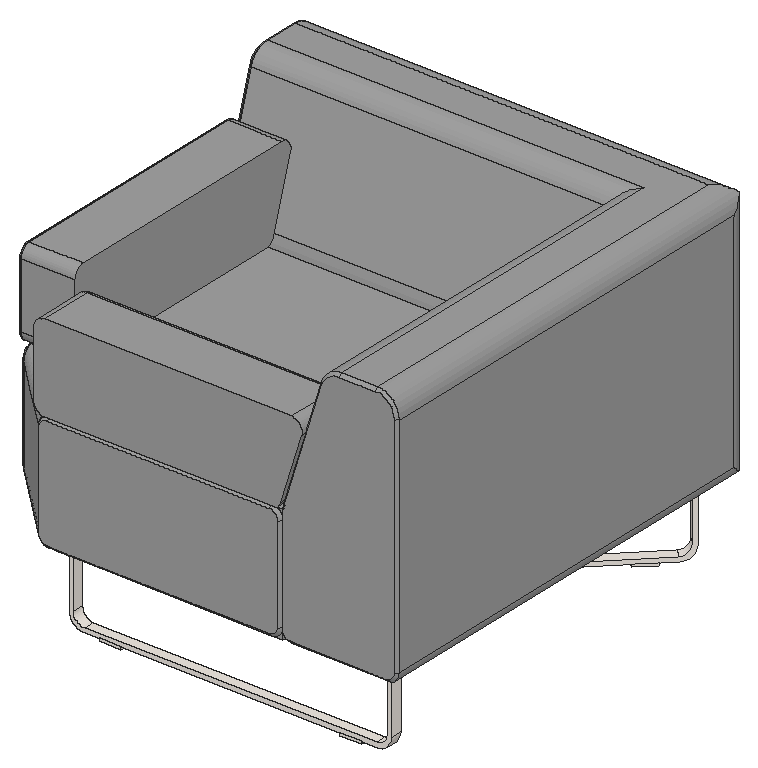
Revit family "Haworth_Riverbend_SquareCorner_EU_PRELIMINARY", category Furniture, Revit 2018
Family settings
  OmniClass Number = 23.40.70.14.64.21
  OmniClass Title = Systems Furniture
  Work Plane-Based = No
  Always vertical = Yes
  Cut with Voids When Loaded = No
  Shared = No
  Room Calculation Point = No
Parameters (values of type "78 x 85 x 101 - Mid Back")
  Without Arms [instance] = not(or(Left Arm, Right Arm))  # no
  With Arms [instance] = not(or(Without Arms, No Back))  # yes
  Width Straight Edge = 83.82 cm  # constant formula
  Warranty = "http://www.haworth.com/resources/product-info/warranties"
  URL - Product = "https://www.haworth.com/eu/en/products/sofas-armchairs/riverbend-pebble.html"
  Two Arms [instance] = and(Left Arm, Right Arm)  # yes
  Trim Finish = Haworth _ Paint _ Plaster
  Small = no
  Seat Upholstery Finish [instance] = Haworth _ Fabric _ Tellure _ Steel 3A-39
  Right Arm [instance] = yes
  No Back = not(Mid Back)  # no
  Mid Back = yes
  Model = "SELSAXN3"  # constant formula
  Left Arm [instance] = yes
  Large = not(Small)  # yes
  Description = "Haworth - Riverbend - Square Corner"  # constant formula
  URL = "https://www.haworth.com/eu/en.html"
  Size = "Verify Final Dim. w/ Haworth"  # constant formula
  Revision Number = "1"  # constant formula
  Manufacturer = "Haworth"  # constant formula
  Back Upholstery Finish [instance] = Haworth _ Fabric _ Tellure _ Steel 3A-39
  Author = "Haworth (Bentzen, Abd Rahman)"  # constant formula
  Assembly Code = "E2020200"
  Arm Finish [instance] = Haworth _ Fabric _ Tellure _ Steel 3A-39
  Actual Width = 101 cm  # constant formula
  Actual Height = 45 cm  # constant formula
  Actual Depth = 101 cm  # constant formula
Reference planes (cm)
  plane 1 "Center F/B": through (-7.8491, -21.5695, 0) normal (-0.7071, -0.7071, 0)
  plane 2 "Bottom": z = 0
  plane 3 "Center L/R": through (5.5102, -29.3435, 0) normal (0.7071, -0.7071, 0)
  plane 4 "Left": through (-116.505, -50.3938, 121.92) normal (-0.7071, 0.7071, 0)
  plane 5 "Right": through (124.4391, -11.3797, 121.92) normal (0.7071, -0.7071, 0)
  plane 6 "Chair Front": through (-138.4552, 17.76, 121.92) normal (0.7071, 0.7071, 0)
  plane 7 "Top": z = 45
  plane 8 "Top - Bottom of Chamfer Edge": z = 44.365
  plane 9 "Frame Bottom": z = 17.695
  plane 10 "Bottom - Top of Chamfer Edge": z = 18.33
  plane 11 "Leg Bracket - Bottom": z = 17.06
  plane 12 "Leg Bottom - Top of Bottom": z = 1.5875
  plane 13 "Foot - Top of Foot": z = 0.635
  plane 14 "Bench Frame - Outer Concave Tangent Edge No 1": y = 14.6181
  plane 15 "Bench Frame - Outer Concave Tangent Edge No 2": x = 49.4718
  plane 16 "Bench Frame - Center Side No 1": y = -27.2919
  plane 17 "Bench Frame - Center Side No 2": x = 7.5618
  plane 18 "Bench Frame - Straight Edge No 2": y = -86.9819
  plane 19 "Bench Frame - Straight Edge No 1": x = -52.1282
  plane 20 "Center Leg - Back of Leg Bracket": through (-113.4489, 164.5306, 121.92) normal (0.7071, 0.7071, 0)
  plane 21 "Left Leg - Front of Leg Bracket": y = -64.7169
  plane 22: through (-170.5143, 49.6713, 121.92) normal (-0.7071, 0.7071, 0)
  plane 23: through (15.798, -17.2597, 121.92) normal (-0.7071, 0.7071, 0)
  plane 24: through (43.8657, 7.216, 121.92) normal (-0.7071, 0.7071, 0)
  plane 25: y = 14.6181
  plane 26: y = 14.6181
  plane 27: through (48.3559, 13.5021, 121.92) normal (-0.7071, -0.7071, 0)
  plane 28: through (34.5662, 16.5155, 121.92) normal (0.7071, 0.7071, 0)
  plane 29: z = 45.72
  plane 30: z = 31.7075
Lines and regions (cm)
  Masking region 1, visible <- "Large"
    outline origin (90.1228, -116, 45) x (-1, 0, 0) y (0, -1, 0)
      loop
        line (142.251, -130.6181) -> (142.251, -47.4331) -> (123.836, -29.0181) -> (40.651, -29.0181) -> (40.651, -130.6181) -> (142.251, -130.6181)
  Masking region 2, visible <- "Small"
    outline origin (0, 0, 45) x (-1, 0, 0) y (0, -1, 0)
      loop
        line (25.8752, 86.9819) -> (-49.4718, 86.9819) -> (-49.4718, -14.6181) -> (52.1282, -14.6181) -> (52.1282, 60.729) -> (25.8752, 86.9819)
  symbolic lines, style "Haworth", visible <- "Mid Back"
    curve 1: line (-52.1282, -12.4835, 45) -> (22.3702, -12.4835, 45)
    curve 2: line (22.3702, -12.4835, 45) -> (22.3702, -86.9819, 45)
Dimensions and locks (cm)
  plane 4 "Left" to plane 5 "Right" = 142.7861 cm
  locked: plane 7 "Top" to plane 8 "Top - Bottom of Chamfer Edge" at 0.635
  plane 10 "Bottom - Top of Chamfer Edge" to plane 9 "Frame Bottom" to plane 11 "Leg Bracket - Bottom" = 0.635 cm locked, 0.635 cm locked
  plane 7 "Top" to plane 9 "Frame Bottom" = 27.305 cm
  "Actual Height": plane 7 "Top" to plane 2 "Bottom"
  plane 7 "Top" to plane 2 "Bottom" = 45 cm
  plane 17 "Bench Frame - Center Side No 2" to plane 15 "Bench Frame - Outer Concave Tangent Edge No 2" = 41.91 cm
  plane 27 to plane 28 = 7.62 cm
  equal spacing: plane 6 "Chair Front", plane 1 "Center F/B", plane 27
  plane 19 "Bench Frame - Straight Edge No 1" to plane 15 "Bench Frame - Outer Concave Tangent Edge No 2" = 101.6 cm
  plane 14 "Bench Frame - Outer Concave Tangent Edge No 1" to plane 18 "Bench Frame - Straight Edge No 2" = 101.6 cm
  equal spacing: plane 9 "Frame Bottom", plane 30, plane 29
  aligned and locked: plane 14 "Bench Frame - Outer Concave Tangent Edge No 1" to nested 1
  aligned and locked: plane 19 "Bench Frame - Straight Edge No 1" to nested 1
  aligned and locked: nested 1 to level
  aligned and locked: plane 14 "Bench Frame - Outer Concave Tangent Edge No 1" to nested 2
  aligned and locked: plane 15 "Bench Frame - Outer Concave Tangent Edge No 2" to nested 2
  aligned and locked: nested 2 to plane 9 "Frame Bottom"
  aligned and locked: plane 19 "Bench Frame - Straight Edge No 1" to Masking region 1 sketch curve
  aligned and locked: Masking region 1 sketch curve to plane 6 "Chair Front"
  aligned and locked: plane 18 "Bench Frame - Straight Edge No 2" to Masking region 1 sketch curve
  aligned and locked: Masking region 1 sketch curve to plane 15 "Bench Frame - Outer Concave Tangent Edge No 2"
  aligned and locked: Masking region 1 sketch curve to plane 14 "Bench Frame - Outer Concave Tangent Edge No 1"
  aligned and locked: plane 14 "Bench Frame - Outer Concave Tangent Edge No 1" to nested 3
  aligned and locked: plane 14 "Bench Frame - Outer Concave Tangent Edge No 1" to nested 4
  aligned and locked: plane 15 "Bench Frame - Outer Concave Tangent Edge No 2" to nested 3
  aligned and locked: plane 15 "Bench Frame - Outer Concave Tangent Edge No 2" to nested 4
  aligned and locked: nested 3 to plane 9 "Frame Bottom"
  aligned and locked: nested 4 to plane 9 "Frame Bottom"
  aligned and locked: plane 19 "Bench Frame - Straight Edge No 1" to curve 1
  aligned and locked: plane 18 "Bench Frame - Straight Edge No 2" to curve 2
  aligned and locked: curve 1 to curve 2
  aligned and locked: Masking region 1 to Masking region 2 sketch curve
  aligned and locked: Masking region 2 sketch curve to Masking region 1  (x3)
  aligned and locked: nested 5 to plane 19 "Bench Frame - Straight Edge No 1"
  aligned and locked: nested 6 to plane 18 "Bench Frame - Straight Edge No 2"
  aligned and locked: nested 4 to nested 6
  aligned and locked: nested 6 to plane 7 "Top"
  aligned and locked: nested 2 to nested 5
  aligned and locked: plane 29 to nested 5
Automatic sketch dimensions
  plane 3 "Center L/R" to curve 1 = 0 cm
  plane 17 "Bench Frame - Center Side No 2" to curve 2 = 14.8084 cm
  plane 19 "Bench Frame - Straight Edge No 1" to Masking region 2 sketch curve = 26.253 cm
  plane 21 "Left Leg - Front of Leg Bracket" to Masking region 2 sketch curve = 3.988 cm
Nested families (cm)
  nested 1: "Haworth_Riverbend_SquareCorner_Base-PART" at (0, 0, 0), Trim Finish <- "Trim Finish", type "Base - PART"
    with Trim Finish Haworth _ Paint _ Plaster
  nested 2: "Haworth_Riverbend_SquareCorner_Back-PART" at (0, 0, -0.72), Back Upholstery Finish <- "Back Upholstery Finish", visible <- "Mid Back", type "Back - PART"
    with Back Upholstery Finish Haworth _ Fabric _ Tellure _ Steel 3A-39
  nested 3: "Haworth_Riverbend_SquareCorner_Large_Seat-PART" at (0, 0, -0.72), Seat Upholstery Finish <- "Seat Upholstery Finish", visible <- "Large", type "Large Seat - PART"
    with Seat Upholstery Finish Haworth _ Fabric _ Tellure _ Steel 3A-39
  nested 4: "Haworth_Riverbend_SquareCorner_Small_Seat-PART" at (0, 0, -0.72), Seat Upholstery Finish <- "Seat Upholstery Finish", visible <- "Small", type "Small Seat - PART"
    with Seat Upholstery Finish Haworth _ Fabric _ Tellure _ Steel 3A-39
  nested 5: "Haworth_Riverbend_Arm-PART" at (3.9018, -42.8856, 0.72), 85D <- "With Arms", Arm Finish <- "Arm Finish", visible <- "Left Arm", type "Arm - PART"
    with Arm Finish Haworth _ Fabric _ Tellure _ Steel 3A-39, 85D yes, 79D no, Actual Height 45 cm
  nested 6: "Haworth_Riverbend_Arm-PART" at (-8.4848, -130.0119, 0) x (0, -1, 0) z (0, 0, 1), 85D <- "With Arms", Arm Finish <- "Arm Finish", visible <- "Right Arm", type "Arm - PART"
    with Arm Finish Haworth _ Fabric _ Tellure _ Steel 3A-39, 85D yes, 79D no, Actual Height 45 cm
Definition of nested family "Haworth_Riverbend_SquareCorner_Base-PART"
  Parameters (values of type "Base - PART")
    Width Straight Edge = 101 cm  # constant formula
    Warranty = "http://www.haworth.com/resources/product-info/warranties"
    URL - Product = "http://www.haworth.com/products/seating/sofas/riverbend-pebble"
    Trim Finish [instance] = none
    Model = "Haworth - Riverbend"  # constant formula
    Description = "Haworth - Riverbend - Square Corner - Base - PART"  # constant formula
    URL = "http://www.haworth.com"
    Size = "Verify Final Dim. w/ Haworth"  # constant formula
    Revision Number = "1"  # constant formula
    Manufacturer = "Haworth"  # constant formula
    Author = "Haworth (Bentzen, Abd Rahman)"  # constant formula
    Assembly Code = "E2020200"
    Actual Width = 101 cm  # constant formula
    Actual Height = 45 cm
    Actual Depth = 101 cm  # constant formula
  Reference planes (cm)
    plane 1 "Center F/B": through (-7.8491, -21.5695, 0) normal (-0.7071, -0.7071, 0)
    plane 2 "Bottom": z = 0
    plane 3 "Center L/R": through (5.5102, -29.3435, 0) normal (0.7071, -0.7071, 0)
    plane 4 "Left": through (-116.505, -50.3938, 121.92) normal (-0.7071, 0.7071, 0)
    plane 5 "Right": through (124.4391, -11.3797, 121.92) normal (0.7071, -0.7071, 0)
    plane 6 "Frame Back": through (-73.6346, 78.6631, 121.92) normal (0.7071, 0.7071, 0)
    plane 7 "Chair Front": through (-138.4552, 17.76, 121.92) normal (0.7071, 0.7071, 0)
    plane 8 "Top": z = 45
    plane 9 "Top - Bottom of Chamfer Edge": z = 44.365
    plane 10 "Frame Bottom": z = 17.695
    plane 11 "Bottom - Top of Chamfer Edge": z = 18.33
    plane 12 "Leg Bracket - Bottom": z = 17.06
    plane 13 "Leg Bottom - Top of Bottom": z = 1.5875
    plane 14 "Foot - Top of Foot": z = 0.635
    plane 15 "Bench Frame - Inner Concave Tangent Edge No 1": y = -69.2019
    plane 16 "Bench Frame - Outer Concave Tangent Edge No 1": y = 31.7981
    plane 17 "Bench Frame - Outer Concave Tangent Edge No 2": x = 49.4718
    plane 18 "Bench Frame - Center Side No 1": y = -18.7019
    plane 19 "Bench Frame - Center Side No 2": x = 7.5618
    plane 20 "Bench Frame - Straight Edge No 2": y = -86.9819
    plane 21 "Bench Frame - Straight Edge No 1": x = -52.1282
    plane 22 "Left Leg - Back of Leg Bracket": y = 10.1334
    plane 23 "Center Leg - Back of Leg Bracket": through (-113.4489, 164.5306, 121.92) normal (0.7071, 0.7071, 0)
    plane 24 "Right Leg - Back of Leg Bracket": x = 44.9871
    plane 25 "Left Leg - Front of Leg Bracket": y = -64.7169
    plane 26 "Right Leg - Front of Leg Bracket": x = -29.8635
    plane 27 "Center Leg - Front of Leg Bracket": through (17.7923, -15.204, 121.92) normal (0.7071, 0.7071, 0)
    plane 28: through (-170.5143, 49.6713, 121.92) normal (-0.7071, 0.7071, 0)
    plane 29 "Left - Top of Chamfer Edge": x = -51.4932
    plane 30 "Right - Top of Chamfer Edge": y = -86.3469
    plane 31 "Leg Left - Left of Leg Bracket": x = -48.1694
    plane 32 "Right Left - Right of Leg Bracket": y = -83.0231
    plane 33: through (39.0172, 10.7175, 121.92) normal (0.7071, 0.7071, 0)
    plane 34: y = 4.1009
    plane 35: y = 3.1409
    plane 36: y = -1.9391
    plane 37: y = 9.1809
    plane 38: y = -52.6441
    plane 39: y = -57.7241
    plane 40: y = -58.6841
    plane 41: y = -63.7641
    plane 42: through (18.4965, -14.5612, 121.92) normal (-0.7071, -0.7071, 0)
    plane 43: through (22.0886, -10.9691, 121.92) normal (-0.7071, -0.7071, 0)
    plane 44: through (22.7674, -10.2902, 121.92) normal (-0.7071, -0.7071, 0)
    plane 45: through (26.3595, -6.6981, 121.92) normal (-0.7071, -0.7071, 0)
    plane 46: through (33.5331, 0.4755, 121.92) normal (-0.7071, -0.7071, 0)
    plane 47: through (37.1252, 4.0676, 121.92) normal (-0.7071, -0.7071, 0)
    plane 48: through (37.8041, 4.7464, 121.92) normal (-0.7071, -0.7071, 0)
    plane 49: x = -28.9104
    plane 50: x = -23.8304
    plane 51: x = -22.8704
    plane 52: x = -17.7904
    plane 53: x = 32.9146
    plane 54: x = 37.9946
    plane 55: x = 38.9546
    plane 56: x = 44.0346
    plane 57: x = -45.6294
    plane 58: y = -80.4831
    plane 59: through (15.798, -17.2597, 121.92) normal (-0.7071, 0.7071, 0)
    plane 60: through (43.8657, 7.216, 121.92) normal (-0.7071, 0.7071, 0)
    plane 61: x = -42.1369
    plane 62: through (0.0825, -41.5064, 121.92) normal (0.7071, -0.7071, 0)
    plane 63: y = -76.9906
    plane 64: y = 14.6181
    plane 65: y = -7.2874
    plane 66: y = 14.6181
    plane 67: through (48.3559, 13.5021, 121.92) normal (-0.7071, -0.7071, 0)
    plane 68: through (34.5662, 16.5155, 121.92) normal (0.7071, 0.7071, 0)
    plane 69: z = 45.72
    plane 70: x = -51.5282
    plane 71: y = 12.0781
    plane 72: z = 31.7075
  Forms (cm)
    Extrusion 1, solid, material <- "Trim Finish"
      sketch origin (-56.9094, -25.788, 0) x (0, -1, 0) y (0, 0, -1)
        loop
          line (-35.9214, -17.06) -> (-34.9689, -17.06) -> (-34.9689, -4.1275)
          arc (-34.9689, -4.1275) -> (-34.225, -2.3314) -> (-32.4289, -1.5875) r 2.54
          line (-32.4289, -1.5875) -> (35.4361, -1.5875)
          arc (35.4361, -1.5875) -> (37.2321, -2.3314) -> (37.9761, -4.1275) r 2.54
          line (37.9761, -4.1275) -> (37.9761, -17.06) -> (38.9289, -17.06) -> (38.9289, -3.81)
          arc (38.9289, -3.81) -> (37.999, -1.5649) -> (35.7539, -0.635) r 3.175
          line (35.7539, -0.635) -> (-32.7464, -0.635)
          arc (-32.7464, -0.635) -> (-34.9915, -1.5649) -> (-35.9214, -3.81) r 3.175
          line (-35.9214, -3.81) -> (-35.9214, -17.06)
      from 8.74 to 11.28
    Extrusion 2, solid, material <- "Trim Finish"
      sketch origin (-51.2931, 95.3569, 45.72) x (1, 0, 0) y (0, 1, 0)
        loop
          line (3.1238, -92.216) -> (3.1238, -97.296) -> (5.6637, -97.296) -> (5.6637, -92.216) -> (3.1238, -92.216)
      from -45.72 to -45.085
    Extrusion 3, solid, material <- "Trim Finish"
      sketch origin (-51.2931, 101.1597, 45.72) x (1, 0, 0) y (0, 1, 0)
        loop
          line (3.1238, -158.8838) -> (5.6637, -158.8838) -> (5.6637, -153.8038) -> (3.1238, -153.8038) -> (3.1238, -158.8838)
      from -45.72 to -45.085
    Extrusion 4, solid, material <- "Trim Finish"
      sketch origin (-51.2931, 95.3569, 45.72) x (1, 0, 0) y (0, 1, 0)
        loop
          line (3.1238, -85.2235) -> (3.1238, -91.256) -> (9.1562, -91.256) -> (9.1562, -85.2235) -> (3.1238, -85.2235)
      from -28.66 to -28.025
    Extrusion 5, solid, material <- "Trim Finish"
      sketch origin (-51.2931, 151.8647, 45.72) x (1, 0, 0) y (0, 1, 0)
        loop
          line (3.1238, -216.5816) -> (9.1562, -216.5816) -> (9.1562, -210.5488) -> (3.1238, -210.5488) -> (3.1238, -216.5816)
      from -28.66 to -28.025
    Extrusion 6, solid, material <- "Trim Finish"
      sketch origin (9.0657, -91.7631, 0) x (-1, 0, 0) y (0, 0, 1)
        loop
          line (-35.9214, 17.06) -> (-35.9214, 3.81)
          arc (-35.9214, 3.81) -> (-34.9915, 1.5649) -> (-32.7464, 0.635) r 3.175
          line (-32.7464, 0.635) -> (35.7542, 0.635)
          arc (35.7542, 0.635) -> (37.9993, 1.5649) -> (38.9292, 3.81) r 3.175
          line (38.9292, 3.81) -> (38.9292, 17.06) -> (37.9761, 17.06) -> (37.9761, 4.1275)
          arc (37.9761, 4.1275) -> (37.2321, 2.3314) -> (35.4361, 1.5875) r 2.54
          line (35.4361, 1.5875) -> (-32.4289, 1.5875)
          arc (-32.4289, 1.5875) -> (-34.225, 2.3314) -> (-34.9689, 4.1275) r 2.54
          line (-34.9689, 4.1275) -> (-34.9689, 17.06) -> (-35.9214, 17.06)
      from 8.74 to 11.28
    Extrusion 7, solid, material <- "Trim Finish"
      sketch origin (130.2106, -86.1469, 45.72) x (0, 1, 0) y (-1, 0, 0)
        loop
          line (3.1238, 92.216) -> (5.6637, 92.216) -> (5.6637, 97.296) -> (3.1238, 97.296) -> (3.1238, 92.216)
      from -45.72 to -45.085
    Extrusion 8, solid, material <- "Trim Finish"
      sketch origin (136.0134, -86.1469, 45.72) x (0, 1, 0) y (-1, 0, 0)
        loop
          line (3.1238, 158.8838) -> (3.1238, 153.8038) -> (5.6637, 153.8038) -> (5.6637, 158.8838) -> (3.1238, 158.8838)
      from -45.72 to -45.085
    Extrusion 9, solid, material <- "Trim Finish"
      sketch origin (130.2106, -86.1469, 45.72) x (0, 1, 0) y (-1, 0, 0)
        loop
          line (3.1238, 85.2235) -> (9.1562, 85.2235) -> (9.1562, 91.256) -> (3.1238, 91.256) -> (3.1238, 85.2235)
      from -28.66 to -28.025
    Extrusion 10, solid, material <- "Trim Finish"
      sketch origin (186.7184, -86.1469, 45.72) x (0, 1, 0) y (-1, 0, 0)
        loop
          line (3.1238, 216.5819) -> (3.1238, 210.5488) -> (9.1562, 210.5488) -> (9.1562, 216.5819) -> (3.1238, 216.5819)
      from -28.66 to -28.025
    Extrusion 11, solid, material <- "Trim Finish"
      sketch origin (39.1696, 18.4721, 0) x (-0.707107, -0.707107, 0) y (0, 0, -1)
        loop
          line (4.6386, -17.06) -> (5.5911, -17.06) -> (5.5911, -4.1275)
          arc (5.5911, -4.1275) -> (6.335, -2.3314) -> (8.1311, -1.5875) r 2.54
          line (8.1311, -1.5875) -> (35.4361, -1.5875)
          arc (35.4361, -1.5875) -> (37.2321, -2.3314) -> (37.9761, -4.1275) r 2.54
          line (37.9761, -4.1275) -> (37.9761, -17.06) -> (38.9286, -17.06) -> (38.9286, -3.81)
          arc (38.9286, -3.81) -> (37.9987, -1.5649) -> (35.7536, -0.635) r 3.175
          line (35.7536, -0.635) -> (7.8136, -0.635)
          arc (7.8136, -0.635) -> (5.5685, -1.5649) -> (4.6386, -3.81) r 3.175
          line (4.6386, -3.81) -> (4.6386, -17.06)
      from 8.74 to 11.28
    Extrusion 12, solid, material <- "Trim Finish"
      sketch origin (100.123, 71.4829, 45.72) x (0.707107, -0.707107, 0) y (0.707107, 0.707107, 0)
        loop
          line (3.1238, -92.216) -> (3.1238, -97.296) -> (5.6637, -97.296) -> (5.6637, -92.216) -> (3.1238, -92.216)
      from -45.72 to -45.085
    Extrusion 13, solid, material <- "Trim Finish"
      sketch origin (132.9064, 104.2664, 45.72) x (0.707107, -0.707107, 0) y (0.707107, 0.707107, 0)
        loop
          line (3.1238, -158.8838) -> (5.6637, -158.8838) -> (5.6637, -153.8038) -> (3.1238, -153.8038) -> (3.1238, -158.8838)
      from -45.72 to -45.085
    Extrusion 14, solid, material <- "Trim Finish"
      sketch origin (100.123, 71.4829, 45.72) x (0.707107, -0.707107, 0) y (0.707107, 0.707107, 0)
        loop
          line (3.1238, -85.2235) -> (3.1238, -91.256) -> (9.1562, -91.256) -> (9.1562, -85.2235) -> (3.1238, -85.2235)
      from -28.66 to -28.025
    Extrusion 15, solid, material <- "Trim Finish"
      sketch origin (168.7603, 140.1202, 45.72) x (0.707107, -0.707107, 0) y (0.707107, 0.707107, 0)
        loop
          line (3.1238, -216.5813) -> (9.1562, -216.5813) -> (9.1562, -210.5488) -> (3.1238, -210.5488) -> (3.1238, -216.5813)
      from -28.66 to -28.025
  Lines and regions (cm)
    Masking region 1
      outline origin (0, 0, 45) x (-1, 0, 0) y (0, -1, 0)
        loop
          line (48.1694, -6.6409) -> (48.1694, 61.2241) -> (45.6294, 61.2241) -> (45.6294, -6.6409) -> (48.1694, -6.6409)
        loop
          line (-22.0886, 14.5612) -> (-41.3962, -4.7464) -> (-39.6001, -6.5424) -> (-20.2926, 12.7651) -> (-22.0886, 14.5612)
        loop
          line (-41.4946, 80.4831) -> (26.3704, 80.4831) -> (26.3704, 83.0231) -> (-41.4946, 83.0231) -> (-41.4946, 80.4831)
  Dimensions and locks (cm)
    plane 4 "Left" to plane 5 "Right" = 142.7861 cm
    locked: plane 8 "Top" to plane 9 "Top - Bottom of Chamfer Edge" at 0.635
    plane 11 "Bottom - Top of Chamfer Edge" to plane 10 "Frame Bottom" to plane 12 "Leg Bracket - Bottom" = 0.635 cm locked, 0.635 cm locked
    plane 8 "Top" to plane 10 "Frame Bottom" = 27.305 cm
    "Actual Height": plane 8 "Top" to plane 2 "Bottom"
    plane 8 "Top" to plane 2 "Bottom" = 45 cm
    Extrusion 1 sketch curve to Extrusion 1 sketch curve = 0.9525 cm  (x2)
    Extrusion 1 sketch curve to Extrusion 1 sketch curve = 0.9528 cm
    "Width Straight Edge": plane 16 "Bench Frame - Outer Concave Tangent Edge No 1" to plane 15 "Bench Frame - Inner Concave Tangent Edge No 1"
    equal spacing: plane 16 "Bench Frame - Outer Concave Tangent Edge No 1", plane 18 "Bench Frame - Center Side No 1", plane 15 "Bench Frame - Inner Concave Tangent Edge No 1"
    plane 19 "Bench Frame - Center Side No 2" to plane 17 "Bench Frame - Outer Concave Tangent Edge No 2" = 41.91 cm
    plane 15 "Bench Frame - Inner Concave Tangent Edge No 1" to plane 20 "Bench Frame - Straight Edge No 2" = 17.78 cm
    plane 21 "Bench Frame - Straight Edge No 1" to plane 29 "Left - Top of Chamfer Edge" = 0.635 cm
    plane 30 "Right - Top of Chamfer Edge" to plane 20 "Bench Frame - Straight Edge No 2" = 0.635 cm
    Extrusion 6 sketch curve to Extrusion 6 sketch curve = 0.9525 cm  (x2)
    Extrusion 6 sketch curve to Extrusion 6 sketch curve = 0.9531 cm
    Extrusion 11 sketch curve to Extrusion 11 sketch curve = 0.9525 cm  (x3)
    plane 23 "Center Leg - Back of Leg Bracket" to plane 27 "Center Leg - Front of Leg Bracket" = 34.29 cm
    plane 67 to plane 68 = 7.62 cm
    equal spacing: plane 7 "Chair Front", plane 1 "Center F/B", plane 67
    plane 21 "Bench Frame - Straight Edge No 1" to plane 17 "Bench Frame - Outer Concave Tangent Edge No 2" = 101.6 cm
    plane 16 "Bench Frame - Outer Concave Tangent Edge No 1" to plane 20 "Bench Frame - Straight Edge No 2" = 118.78 cm
    equal spacing: plane 10 "Frame Bottom", plane 72, plane 69
    "Actual Depth": plane 70 to plane 17 "Bench Frame - Outer Concave Tangent Edge No 2"
    aligned and locked: Extrusion 11 to plane 33
    aligned and locked: plane 23 "Center Leg - Back of Leg Bracket" to Extrusion 11  (x2)
    aligned and locked: Extrusion 3 to plane 38
    aligned and locked: Extrusion 1 to Extrusion 3  (x2)
    aligned and locked: plane 39 to Extrusion 3
    aligned and locked: Extrusion 2 to plane 35  (x2)
    aligned and locked: Extrusion 1 to Extrusion 2
    aligned and locked: Extrusion 3 to plane 57  (x2)
    aligned and locked: Extrusion 13 to plane 45
    aligned and locked: Extrusion 13 to plane 59
    aligned and locked: Extrusion 13 to plane 60
    aligned and locked: plane 46 to Extrusion 12
    aligned and locked: Extrusion 12 to plane 47
    aligned and locked: Extrusion 12 to plane 59
    aligned and locked: Extrusion 12 to plane 60
    aligned and locked: plane 53 to Extrusion 7
    aligned and locked: plane 58 to Extrusion 7
    aligned and locked: Extrusion 7 to plane 32 "Right Left - Right of Leg Bracket"
    aligned and locked: Extrusion 7 to plane 54
    aligned and locked: plane 58 to Extrusion 8
    aligned and locked: Extrusion 8 to plane 32 "Right Left - Right of Leg Bracket"
    aligned and locked: plane 51 to Extrusion 8
    aligned and locked: Extrusion 8 to plane 52
    aligned and locked: Extrusion 2 to plane 2 "Bottom"
    aligned and locked: Extrusion 2 to plane 14 "Foot - Top of Foot"
    aligned and locked: plane 2 "Bottom" to Extrusion 12  (x2)
    aligned and locked: plane 14 "Foot - Top of Foot" to Extrusion 12  (x2)
    aligned and locked: plane 2 "Bottom" to Extrusion 13  (x2)
    aligned and locked: plane 14 "Foot - Top of Foot" to Extrusion 13  (x2)
    aligned and locked: Extrusion 3 to plane 2 "Bottom"
    aligned and locked: Extrusion 3 to plane 14 "Foot - Top of Foot"
    aligned and locked: Extrusion 8 to plane 2 "Bottom"
    aligned and locked: Extrusion 8 to plane 14 "Foot - Top of Foot"
    aligned and locked: Extrusion 3 to plane 31 "Leg Left - Left of Leg Bracket"
    aligned and locked: plane 36 to Extrusion 2
    aligned and locked: Extrusion 2 to plane 57
    aligned and locked: Extrusion 2 to plane 31 "Leg Left - Left of Leg Bracket"
    aligned and locked: Extrusion 7 to plane 14 "Foot - Top of Foot"
    aligned and locked: Extrusion 7 to plane 2 "Bottom"
    aligned and locked: plane 14 "Foot - Top of Foot" to Extrusion 1
    aligned and locked: Extrusion 1 to plane 13 "Leg Bottom - Top of Bottom"
    aligned and locked: plane 22 "Left Leg - Back of Leg Bracket" to Extrusion 1
    aligned and locked: plane 37 to Extrusion 1
    aligned and locked: plane 12 "Leg Bracket - Bottom" to Extrusion 1  (x2)
    aligned and locked: Extrusion 1 to plane 41
    aligned and locked: Extrusion 1 to plane 25 "Left Leg - Front of Leg Bracket"
    aligned and locked: plane 12 "Leg Bracket - Bottom" to Extrusion 6  (x2)
    aligned and locked: plane 24 "Right Leg - Back of Leg Bracket" to Extrusion 6
    aligned and locked: plane 56 to Extrusion 6
    aligned and locked: Extrusion 6 to plane 13 "Leg Bottom - Top of Bottom"
    aligned and locked: plane 14 "Foot - Top of Foot" to Extrusion 6
    aligned and locked: Extrusion 6 to plane 26 "Right Leg - Front of Leg Bracket"
    aligned and locked: Extrusion 6 to plane 49
    aligned and locked: plane 14 "Foot - Top of Foot" to Extrusion 3
    aligned and locked: plane 12 "Leg Bracket - Bottom" to Extrusion 11  (x2)
    aligned and locked: Extrusion 11 to plane 13 "Leg Bottom - Top of Bottom"
    aligned and locked: plane 14 "Foot - Top of Foot" to Extrusion 11
    aligned and locked: Extrusion 14 to plane 12 "Leg Bracket - Bottom"
    aligned and locked: plane 10 "Frame Bottom" to Extrusion 14
    aligned and locked: plane 10 "Frame Bottom" to Extrusion 15
    aligned and locked: Extrusion 15 to plane 12 "Leg Bracket - Bottom"
    aligned and locked: Extrusion 11 to plane 59
    aligned and locked: Extrusion 11 to plane 60
    aligned and locked: Extrusion 11 to plane 27 "Center Leg - Front of Leg Bracket"
    aligned and locked: Extrusion 11 to plane 42  (x2)
    aligned and locked: plane 33 to Extrusion 11
    aligned and locked: Extrusion 6 to plane 32 "Right Left - Right of Leg Bracket"
    aligned and locked: plane 58 to Extrusion 6
    aligned and locked: plane 31 "Leg Left - Left of Leg Bracket" to Extrusion 4 sketch curve
    aligned and locked: plane 61 to Extrusion 4 sketch curve
    aligned and locked: Extrusion 4 sketch curve to plane 22 "Left Leg - Back of Leg Bracket"
    aligned and locked: Extrusion 4 sketch curve to plane 34
    aligned and locked: Extrusion 5 sketch curve to plane 31 "Leg Left - Left of Leg Bracket"
    aligned and locked: Extrusion 5 sketch curve to plane 61
    aligned and locked: Extrusion 5 sketch curve to plane 40
    aligned and locked: Extrusion 5 sketch curve to plane 25 "Left Leg - Front of Leg Bracket"
    aligned and locked: Extrusion 15 sketch curve to plane 43
    aligned and locked: Extrusion 14 sketch curve to plane 48
    aligned and locked: plane 26 "Right Leg - Front of Leg Bracket" to Extrusion 10 sketch curve
    aligned and locked: plane 50 to Extrusion 10 sketch curve
    aligned and locked: Extrusion 10 sketch curve to plane 63
    aligned and locked: plane 32 "Right Left - Right of Leg Bracket" to Extrusion 10 sketch curve
    aligned and locked: plane 63 to Extrusion 9 sketch curve
    aligned and locked: Extrusion 9 sketch curve to plane 32 "Right Left - Right of Leg Bracket"
    aligned and locked: plane 55 to Extrusion 9 sketch curve
    aligned and locked: plane 24 "Right Leg - Back of Leg Bracket" to Extrusion 9 sketch curve
    aligned and locked: Extrusion 5 to plane 12 "Leg Bracket - Bottom"
    aligned and locked: plane 10 "Frame Bottom" to Extrusion 5
    aligned and locked: Extrusion 10 to plane 12 "Leg Bracket - Bottom"
    aligned and locked: plane 10 "Frame Bottom" to Extrusion 10
    aligned and locked: plane 12 "Leg Bracket - Bottom" to Extrusion 15
    aligned and locked: Extrusion 15 to plane 10 "Frame Bottom"
    aligned and locked: plane 12 "Leg Bracket - Bottom" to Extrusion 14
    aligned and locked: Extrusion 14 to plane 10 "Frame Bottom"
    aligned and locked: Extrusion 9 to plane 12 "Leg Bracket - Bottom"
    aligned and locked: plane 10 "Frame Bottom" to Extrusion 9
    aligned and locked: Extrusion 4 to plane 12 "Leg Bracket - Bottom"
    aligned and locked: plane 10 "Frame Bottom" to Extrusion 4
    aligned and locked: plane 12 "Leg Bracket - Bottom" to Extrusion 5
    aligned and locked: Extrusion 5 to plane 10 "Frame Bottom"
  Automatic sketch dimensions
    Extrusion 1 sketch curve to plane 22 "Left Leg - Back of Leg Bracket" = 0 cm
    plane 14 "Foot - Top of Foot" to Extrusion 1 sketch curve = 0 cm
    Extrusion 1 sketch curve to plane 12 "Leg Bracket - Bottom" = 0 cm  (x2)
    Extrusion 1 sketch curve to plane 41 = 0 cm
    plane 37 to Extrusion 1 sketch curve = 2.2225 cm
    Extrusion 1 sketch curve to Extrusion 1 sketch curve = 0.3175 cm
    plane 40 to Extrusion 1 sketch curve = 2.54 cm
    Extrusion 1 sketch curve to Extrusion 1 sketch curve = 0.3178 cm
    Extrusion 2 sketch curve to plane 31 "Leg Left - Left of Leg Bracket" = 0 cm
    plane 36 to Extrusion 2 sketch curve = 0 cm
    Extrusion 2 sketch curve to plane 57 = 0 cm
    plane 35 to Extrusion 2 sketch curve = 0 cm
    Extrusion 3 sketch curve to plane 31 "Leg Left - Left of Leg Bracket" = 0 cm
    plane 38 to Extrusion 3 sketch curve = 0 cm
    Extrusion 3 sketch curve to plane 57 = 0 cm
    plane 39 to Extrusion 3 sketch curve = 0 cm
    Extrusion 6 sketch curve to plane 24 "Right Leg - Back of Leg Bracket" = 0 cm
    Extrusion 6 sketch curve to plane 14 "Foot - Top of Foot" = 0 cm
    Extrusion 6 sketch curve to plane 12 "Leg Bracket - Bottom" = 0 cm  (x2)
    plane 49 to Extrusion 6 sketch curve = 0 cm
    plane 56 to Extrusion 6 sketch curve = 2.2225 cm
    Extrusion 6 sketch curve to Extrusion 6 sketch curve = 0.3175 cm
    plane 50 to Extrusion 6 sketch curve = 2.54 cm
    Extrusion 6 sketch curve to Extrusion 6 sketch curve = 0.3181 cm
    Extrusion 7 sketch curve to plane 32 "Right Left - Right of Leg Bracket" = 0 cm
    Extrusion 7 sketch curve to plane 53 = 0 cm
    Extrusion 7 sketch curve to plane 58 = 0 cm
    Extrusion 7 sketch curve to plane 54 = 0 cm
    Extrusion 8 sketch curve to plane 32 "Right Left - Right of Leg Bracket" = 0 cm
    Extrusion 8 sketch curve to plane 52 = 0 cm
    Extrusion 8 sketch curve to plane 58 = 0 cm
    Extrusion 8 sketch curve to plane 51 = 0 cm
    Extrusion 11 sketch curve to plane 23 "Center Leg - Back of Leg Bracket" = 0 cm
    plane 14 "Foot - Top of Foot" to Extrusion 11 sketch curve = 0 cm
    Extrusion 11 sketch curve to plane 12 "Leg Bracket - Bottom" = 0 cm  (x2)
    Extrusion 11 sketch curve to plane 42 = 0 cm
    Extrusion 11 sketch curve to plane 33 = 2.2225 cm
    Extrusion 11 sketch curve to Extrusion 11 sketch curve = 0.3175 cm  (x2)
    plane 6 "Frame Back" to Extrusion 11 sketch curve = 1.7671 cm
    plane 46 to Extrusion 12 sketch curve = 0 cm
    plane 59 to Extrusion 12 sketch curve = 0 cm
    Extrusion 12 sketch curve to plane 60 = 0 cm
    plane 47 to Extrusion 12 sketch curve = 0 cm
    plane 45 to Extrusion 13 sketch curve = 0 cm
    plane 59 to Extrusion 13 sketch curve = 0 cm
    Extrusion 13 sketch curve to plane 60 = 0 cm
    plane 44 to Extrusion 13 sketch curve = 0 cm
    plane 59 to Extrusion 14 sketch curve = 0 cm
    plane 62 to Extrusion 14 sketch curve = 0 cm
    Extrusion 14 sketch curve to plane 23 "Center Leg - Back of Leg Bracket" = 0 cm
    Extrusion 15 sketch curve to plane 59 = 0 cm
    plane 62 to Extrusion 15 sketch curve = 0 cm
    Extrusion 15 sketch curve to plane 27 "Center Leg - Front of Leg Bracket" = 0 cm
    Masking region 1 sketch curve to plane 57 = 0 cm
    Masking region 1 sketch curve to plane 31 "Leg Left - Left of Leg Bracket" = 0 cm
    plane 37 to Masking region 1 sketch curve = 2.54 cm
    plane 40 to Masking region 1 sketch curve = 2.54 cm
    Masking region 1 sketch curve to plane 60 = 0 cm  (x2)
    plane 59 to Masking region 1 sketch curve = 0 cm
    Masking region 1 sketch curve to plane 65 = 5.4777 cm
    Masking region 1 sketch curve to plane 55 = 0.6455 cm
    Masking region 1 sketch curve to plane 32 "Right Left - Right of Leg Bracket" = 0 cm
    Masking region 1 sketch curve to plane 58 = 0 cm
    plane 56 to Masking region 1 sketch curve = 2.54 cm
    plane 50 to Masking region 1 sketch curve = 2.54 cm
Definition of nested family "Haworth_Riverbend_SquareCorner_Back-PART"
  Parameters (values of type "Back - PART")
    Width Straight Edge = 83.82 cm  # constant formula
    Warranty = "http://www.haworth.com/resources/product-info/warranties"
    URL - Product = "http://www.haworth.com/products/seating/sofas/riverbend-pebble"
    Mid Back = yes
    Model = "Haworth - Riverbend"  # constant formula
    Description = "Haworth - Riverbend - Square Corner - Back - PART"  # constant formula
    URL = "http://www.haworth.com"
    Size = "Verify Final Dim. w/ Haworth"  # constant formula
    Revision Number = "1"  # constant formula
    Manufacturer = "Haworth"  # constant formula
    Depth = 83.82 cm  # constant formula
    Back Upholstery Finish [instance] = none
    Author = "Haworth (Bentzen, Abd Rahman)"  # constant formula
    Assembly Code = "E2020200"
    Actual Width = 142.24 cm  # constant formula
    Actual Height = 45.72 cm  # constant formula
    Actual Depth = 83.82 cm  # constant formula
  Reference planes (cm)
    plane 1 "Center F/B": through (-7.8491, -21.5695, 0) normal (-0.7071, -0.7071, 0)
    plane 2 "Bottom": z = 0
    plane 3 "Center L/R": through (5.5102, -29.3435, 0) normal (0.7071, -0.7071, 0)
    plane 4 "Left": through (-116.505, -50.3938, 121.92) normal (-0.7071, 0.7071, 0)
    plane 5 "Right": through (124.4391, -11.3797, 121.92) normal (0.7071, -0.7071, 0)
    plane 6 "Frame Back": through (-73.6346, 78.6631, 121.92) normal (0.7071, 0.7071, 0)
    plane 7 "Chair Front": through (-138.4552, 17.76, 121.92) normal (0.7071, 0.7071, 0)
    plane 8 "Top": z = 45.72
    plane 9 "Top - Bottom of Chamfer Edge": z = 45.085
    plane 10 "Frame Bottom": z = 18.415
    plane 11 "Bottom - Top of Chamfer Edge": z = 19.05
    plane 12 "Leg Bracket - Bottom": z = 17.78
    plane 13 "Leg Bottom - Top of Bottom": z = 1.5875
    plane 14 "Foot - Top of Foot": z = 0.635
    plane 15 "Bench Frame - Inner Concave Tangent Edge No 1": y = -69.2019
    plane 16 "Bench Frame - Outer Concave Tangent Edge No 1": y = 14.6181
    plane 17 "Bench Frame - Outer Concave Tangent Edge No 2": x = 49.4718
    plane 18 "Bench Frame - Center Side No 1": y = -27.2919
    plane 19 "Bench Frame - Center Side No 2": x = 7.5618
    plane 20 "Bench Frame - Straight Edge No 2": y = -86.9819
    plane 21 "Bench Frame - Straight Edge No 1": x = -52.1282
    plane 22 "Left Leg - Back of Leg Bracket": y = 10.1334
    plane 23 "Center Leg - Back of Leg Bracket": through (-113.4489, 164.5306, 121.92) normal (0.7071, 0.7071, 0)
    plane 24 "Right Leg - Back of Leg Bracket": x = 44.9871
    plane 25 "Left Leg - Front of Leg Bracket": y = -64.7169
    plane 26 "Right Leg - Front of Leg Bracket": x = -29.8635
    plane 27 "Center Leg - Front of Leg Bracket": through (17.7923, -15.204, 121.92) normal (0.7071, 0.7071, 0)
    plane 28: through (-170.5143, 49.6713, 121.92) normal (-0.7071, 0.7071, 0)
    plane 29 "Left - Top of Chamfer Edge": x = -51.4932
    plane 30 "Right - Top of Chamfer Edge": y = -86.3469
    plane 31 "Leg Left - Left of Leg Bracket": x = -48.1694
    plane 32 "Right Left - Right of Leg Bracket": y = -83.0231
    plane 33: through (39.0172, 10.7175, 121.92) normal (0.7071, 0.7071, 0)
    plane 34: y = 4.1009
    plane 35: y = 3.1409
    plane 36: y = -1.9391
    plane 37: y = 9.1809
    plane 38: y = -52.6441
    plane 39: y = -57.7241
    plane 40: y = -58.6841
    plane 41: y = -63.7641
    plane 42: through (18.4965, -14.5612, 121.92) normal (-0.7071, -0.7071, 0)
    plane 43: through (22.0886, -10.9691, 121.92) normal (-0.7071, -0.7071, 0)
    plane 44: through (22.7674, -10.2902, 121.92) normal (-0.7071, -0.7071, 0)
    plane 45: through (26.3595, -6.6981, 121.92) normal (-0.7071, -0.7071, 0)
    plane 46: through (33.5331, 0.4755, 121.92) normal (-0.7071, -0.7071, 0)
    plane 47: through (37.1252, 4.0676, 121.92) normal (-0.7071, -0.7071, 0)
    plane 48: through (37.8041, 4.7464, 121.92) normal (-0.7071, -0.7071, 0)
    plane 49: x = -28.9104
    plane 50: x = -23.8304
    plane 51: x = -22.8704
    plane 52: x = -17.7904
    plane 53: x = 32.9146
    plane 54: x = 37.9946
    plane 55: x = 38.9546
    plane 56: x = 44.0346
    plane 57: x = -45.6294
    plane 58: y = -80.4831
    plane 59: through (15.798, -17.2597, 121.92) normal (-0.7071, 0.7071, 0)
    plane 60: through (43.8657, 7.216, 121.92) normal (-0.7071, 0.7071, 0)
    plane 61: x = -42.1369
    plane 62: through (0.0825, -41.5064, 121.92) normal (0.7071, -0.7071, 0)
    plane 63: y = -76.9906
    plane 64: y = 14.6181
    plane 65: y = -7.2874
    plane 66: y = 14.6181
    plane 67: through (48.3559, 13.5021, 121.92) normal (-0.7071, -0.7071, 0)
    plane 68: through (34.5662, 16.5155, 121.92) normal (0.7071, 0.7071, 0)
    plane 69: z = 45.72
    plane 70: x = -34.3482
    plane 71: y = 12.0781
    plane 72: z = 32.0675
  Forms (cm)
    Blend 1, solid, material <- "Back Upholstery Finish", visible <- "Mid Back"
      base sketch origin (-84.455, 36.6279, -16.9305) x (0, -1, 0) y (0, 0, 1)
        loop
          arc (27.0098, 95.6705) -> (23.4743, 94.206) -> (22.0098, 90.6705) r 5
          line (22.0098, 90.6705) -> (22.0098, 37.8855)
          arc (22.0098, 37.8855) -> (22.7537, 36.0895) -> (24.5498, 35.3455) r 2.54
          line (24.5498, 35.3455) -> (46.5714, 35.3455)
          arc (46.5714, 35.3455) -> (48.3674, 36.0895) -> (49.1114, 37.8855) r 2.54
          line (49.1114, 37.8855) -> (49.1114, 61.7447)
          arc (49.1114, 61.7447) -> (48.8857, 63.6186) -> (48.4326, 65.4509) r 15.413
          line (48.4326, 65.4509) -> (40.0608, 92.1653)
          arc (40.0608, 92.1653) -> (38.2494, 94.7) -> (35.289, 95.6705) r 5.0006
          line (35.289, 95.6705) -> (27.0098, 95.6705)
      top sketch origin (-84.455, 36.6279, -16.9305) x (0, -1, 0) y (0, 0, 1)
        loop
          line (35.289, 95.0355) -> (27.0098, 95.0355)
          arc (27.0098, 95.0355) -> (23.9233, 93.757) -> (22.6448, 90.6705) r 4.365
          line (22.6448, 90.6705) -> (22.6448, 37.8855)
          arc (22.6448, 37.8855) -> (23.2028, 36.5385) -> (24.5498, 35.9805) r 1.905
          line (24.5498, 35.9805) -> (46.7535, 35.9805)
          arc (46.7535, 35.9805) -> (48.1006, 36.5385) -> (48.6585, 37.8855) r 1.905
          line (48.6585, 37.8855) -> (48.6585, 62.6065) -> (39.4549, 91.9754)
          arc (39.4549, 91.9754) -> (37.8735, 94.1883) -> (35.289, 95.0355) r 4.3656
      from -32.9618 to -32.3268
    Blend 2, solid, material <- "Back Upholstery Finish", visible <- "Mid Back"
      base sketch origin (71.4816, -119.3087, -16.9305) x (-1, 0, 0) y (0, 0, -1)
        loop
          line (27.0098, -95.6705) -> (35.289, -95.6705)
          arc (35.289, -95.6705) -> (38.2494, -94.7) -> (40.0608, -92.1653) r 5.0006
          line (40.0608, -92.1653) -> (48.4326, -65.4509)
          arc (48.4326, -65.4509) -> (48.8857, -63.6186) -> (49.1114, -61.7447) r 15.413
          line (49.1114, -61.7447) -> (49.1114, -37.8855)
          arc (49.1114, -37.8855) -> (48.3674, -36.0895) -> (46.5714, -35.3455) r 2.54
          line (46.5714, -35.3455) -> (24.5498, -35.3455)
          arc (24.5498, -35.3455) -> (22.7537, -36.0895) -> (22.0098, -37.8855) r 2.54
          line (22.0098, -37.8855) -> (22.0098, -90.6705)
          arc (22.0098, -90.6705) -> (23.4743, -94.206) -> (27.0098, -95.6705) r 5
      top sketch origin (71.4816, -119.3087, -16.9305) x (-1, 0, 0) y (0, 0, -1)
        loop
          arc (35.289, -95.0355) -> (37.8735, -94.1883) -> (39.4549, -91.9754) r 4.3656
          line (39.4549, -91.9754) -> (48.6585, -62.6065) -> (48.6585, -37.8855)
          arc (48.6585, -37.8855) -> (48.1006, -36.5385) -> (46.7535, -35.9805) r 1.905
          line (46.7535, -35.9805) -> (24.5498, -35.9805)
          arc (24.5498, -35.9805) -> (23.2028, -36.5385) -> (22.6448, -37.8855) r 1.905
          line (22.6448, -37.8855) -> (22.6448, -90.6705)
          arc (22.6448, -90.6705) -> (23.9233, -93.757) -> (27.0098, -95.0355) r 4.365
          line (27.0098, -95.0355) -> (35.289, -95.0355)
      from -32.9618 to -32.3268
    Sweep 3, solid, material <- "Back Upholstery Finish", visible <- "Mid Back"
      path origin (0, 0, 45.72) x (-1, 0, 0) y (0, -1, 0)
        loop
          line (-49.4718, 86.3469) -> (-49.4718, -14.6181) -> (51.4932, -14.6181)
      profile origin (49.4718, -35.8644, 45.72) x (-1, 0, 0) y (0, 0, 1)
        loop
          arc (18.051, 29.5148) -> (16.2396, 32.0495) -> (13.2792, 33.02) r 5.0006
          line (13.2792, 33.02) -> (5, 33.02)
          arc (5, 33.02) -> (1.4645, 31.5555) -> (0, 28.02) r 5
          line (0, 28.02) -> (0, -24.765)
          arc (0, -24.765) -> (0.7439, -26.5611) -> (2.54, -27.305) r 2.54
          line (2.54, -27.305) -> (24.5616, -27.305)
          arc (24.5616, -27.305) -> (26.3577, -26.5611) -> (27.1016, -24.765) r 2.54
          line (27.1016, -24.765) -> (27.1016, -0.9058)
          arc (27.1016, -0.9058) -> (26.8759, 0.9681) -> (26.4228, 2.8004) r 15.413
          line (26.4228, 2.8004) -> (18.051, 29.5148)
    Extrusion 4, void
      sketch origin (0, 0, 45.72) x (-1, 0, 0) y (0, -1, 0)
        loop
          line (-49.4718, -10.8081) -> (-49.4718, -14.6181) -> (-45.6618, -14.6181)
          arc (-45.6618, -14.6181) -> (-48.3559, -13.5021) -> (-49.4718, -10.8081) r 3.81
      from -30.4934 to 34.1183
  Cuts and joins
    Extrusion 4 cuts Sweep 3
    joined: Blend 2, Sweep 3
  Lines and regions (cm)
    Masking region 1, visible <- "Mid Back"
      outline origin (0, 0, 45.72) x (-1, 0, 0) y (0, -1, 0)
        loop
          line (52.1282, 12.4835) -> (-22.3702, 12.4835) -> (-22.3702, 86.9819) -> (-49.4718, 86.9819) -> (-49.4718, -14.6181) -> (52.1282, -14.6181) -> (52.1282, 12.4835)
  Dimensions and locks (cm)
    plane 4 "Left" to plane 5 "Right" = 142.7861 cm
    locked: plane 8 "Top" to plane 9 "Top - Bottom of Chamfer Edge" at 0.635
    plane 11 "Bottom - Top of Chamfer Edge" to plane 10 "Frame Bottom" to plane 12 "Leg Bracket - Bottom" = 0.635 cm locked, 0.635 cm locked
    plane 8 "Top" to plane 10 "Frame Bottom" = 27.305 cm
    "Actual Height": plane 8 "Top" to plane 2 "Bottom"
    plane 8 "Top" to plane 2 "Bottom" = 45.72 cm
    "Width Straight Edge": plane 16 "Bench Frame - Outer Concave Tangent Edge No 1" to plane 15 "Bench Frame - Inner Concave Tangent Edge No 1"
    equal spacing: plane 16 "Bench Frame - Outer Concave Tangent Edge No 1", plane 18 "Bench Frame - Center Side No 1", plane 15 "Bench Frame - Inner Concave Tangent Edge No 1"
    plane 19 "Bench Frame - Center Side No 2" to plane 17 "Bench Frame - Outer Concave Tangent Edge No 2" = 41.91 cm
    plane 15 "Bench Frame - Inner Concave Tangent Edge No 1" to plane 20 "Bench Frame - Straight Edge No 2" = 17.78 cm
    plane 21 "Bench Frame - Straight Edge No 1" to plane 29 "Left - Top of Chamfer Edge" = 0.635 cm
    plane 30 "Right - Top of Chamfer Edge" to plane 20 "Bench Frame - Straight Edge No 2" = 0.635 cm
    plane 23 "Center Leg - Back of Leg Bracket" to plane 27 "Center Leg - Front of Leg Bracket" = 34.29 cm
    plane 67 to plane 68 = 7.62 cm
    equal spacing: plane 7 "Chair Front", plane 1 "Center F/B", plane 67
    plane 21 "Bench Frame - Straight Edge No 1" to plane 17 "Bench Frame - Outer Concave Tangent Edge No 2" = 101.6 cm
    plane 16 "Bench Frame - Outer Concave Tangent Edge No 1" to plane 20 "Bench Frame - Straight Edge No 2" = 101.6 cm
    equal spacing: plane 10 "Frame Bottom", plane 72, plane 69
    "Depth": plane 70 to plane 17 "Bench Frame - Outer Concave Tangent Edge No 2"
    aligned and locked: plane 29 "Left - Top of Chamfer Edge" to Blend 1
    aligned and locked: Blend 1 to plane 21 "Bench Frame - Straight Edge No 1"
  Automatic sketch dimensions
    Blend 1 sketch curve to plane 16 "Bench Frame - Outer Concave Tangent Edge No 1" = 0 cm
    Blend 1 sketch curve to plane 10 "Frame Bottom" = 0 cm
    Blend 1 sketch curve to plane 71 = 0 cm  (x2)
    Blend 1 sketch curve to plane 37 = 0.4372 cm  (x2)
    plane 35 to Blend 1 sketch curve = 0.2379 cm
    plane 35 to Blend 1 sketch curve = 1.802 cm  (x2)
    plane 36 to Blend 1 sketch curve = 1.4938 cm
    Blend 1 sketch curve to plane 65 = 2.6561 cm
    Blend 1 sketch curve to plane 65 = 4.5173 cm
    Blend 1 sketch curve to plane 9 "Top - Bottom of Chamfer Edge" = 0.2708 cm
    Blend 1 sketch curve to Blend 1 sketch curve = 0.6788 cm
    Blend 1 sketch curve to plane 9 "Top - Bottom of Chamfer Edge" = 1.1737 cm
    plane 8 "Top" to Blend 1 sketch curve = 28.0194 cm  (x2)
    Blend 1 sketch curve to Blend 1 sketch curve = 0.0006 cm  (x2)
    Blend 1 sketch curve to plane 11 "Bottom - Top of Chamfer Edge" = 0 cm
    Blend 1 sketch curve to plane 16 "Bench Frame - Outer Concave Tangent Edge No 1" = 0.635 cm
    plane 36 to Blend 1 sketch curve = 0.8879 cm
    Blend 1 sketch curve to plane 65 = 2.8383 cm
    Blend 1 sketch curve to plane 8 "Top" = 0.0441 cm
    Blend 1 sketch curve to plane 65 = 4.7433 cm
    Blend 2 sketch curve to plane 17 "Bench Frame - Outer Concave Tangent Edge No 2" = 0 cm
    Blend 2 sketch curve to plane 10 "Frame Bottom" = 0 cm
    plane 24 "Right Leg - Back of Leg Bracket" to Blend 2 sketch curve = 1.9447 cm  (x2)
    Blend 2 sketch curve to plane 56 = 0.4372 cm  (x2)
    plane 54 to Blend 2 sketch curve = 0.2379 cm
    plane 54 to Blend 2 sketch curve = 1.802 cm  (x2)
    plane 53 to Blend 2 sketch curve = 1.4938 cm
    plane 53 to Blend 2 sketch curve = 8.0044 cm
    plane 8 "Top" to Blend 2 sketch curve = 2.8004 cm
    plane 53 to Blend 2 sketch curve = 9.8656 cm
    Blend 2 sketch curve to plane 9 "Top - Bottom of Chamfer Edge" = 0.2708 cm
    Blend 2 sketch curve to Blend 2 sketch curve = 0.6788 cm
    plane 8 "Top" to Blend 2 sketch curve = 28.0194 cm  (x2)
    Blend 2 sketch curve to Blend 2 sketch curve = 0.0006 cm  (x2)
    Blend 2 sketch curve to plane 11 "Bottom - Top of Chamfer Edge" = 0 cm
    Blend 2 sketch curve to plane 17 "Bench Frame - Outer Concave Tangent Edge No 2" = 0.635 cm
    plane 53 to Blend 2 sketch curve = 0.8879 cm
    plane 11 "Bottom - Top of Chamfer Edge" to Blend 2 sketch curve = 1.905 cm
    plane 53 to Blend 2 sketch curve = 8.1865 cm
    Blend 2 sketch curve to plane 8 "Top" = 0.0441 cm
    plane 3 "Center L/R" to Sweep 3 sketch curve = 0 cm
    Sweep 3 sketch curve to plane 16 "Bench Frame - Outer Concave Tangent Edge No 1" = 0 cm
    Sweep 3 sketch curve to plane 4 "Left" = 0 cm
    plane 5 "Right" to Sweep 3 sketch curve = 0 cm
    Sweep 3 sketch curve to profile plane = 0 cm
    Sweep 3 sketch curve to profile plane = 2.54 cm
    Sweep 3 sketch curve to profile plane = 5 cm
    Sweep 3 sketch curve to plane 8 "Top" = 1.8087 cm
    Sweep 3 sketch curve to profile plane = 11.715 cm
    Sweep 3 sketch curve to Sweep 3 sketch curve = 8.2792 cm
    Sweep 3 sketch curve to Sweep 3 sketch curve = 4.7718 cm
    Sweep 3 sketch curve to Sweep 3 sketch curve = 22.0216 cm
    plane 8 "Top" to Sweep 3 sketch curve = 2.8004 cm
    Sweep 3 sketch curve to Sweep 3 sketch curve = 14.7077 cm
    Sweep 3 sketch curve to plane 8 "Top" = 0.9058 cm
    Sweep 3 sketch curve to plane 8 "Top" = 24.765 cm
    plane 8 "Top" to Sweep 3 sketch curve = 28.0194 cm
    Sweep 3 sketch curve to Sweep 3 sketch curve = 0.0006 cm
    Extrusion 4 sketch curve to plane 17 "Bench Frame - Outer Concave Tangent Edge No 2" = 0 cm
    Extrusion 4 sketch curve to plane 16 "Bench Frame - Outer Concave Tangent Edge No 1" = 0 cm
    plane 24 "Right Leg - Back of Leg Bracket" to Extrusion 4 sketch curve = 0.6747 cm
    plane 3 "Center L/R" to Masking region 1 sketch curve = 0 cm
    Masking region 1 sketch curve to plane 65 = 5.1961 cm
    Masking region 1 sketch curve to plane 16 "Bench Frame - Outer Concave Tangent Edge No 1" = 0 cm
    Masking region 1 sketch curve to plane 17 "Bench Frame - Outer Concave Tangent Edge No 2" = 0 cm
    Masking region 1 sketch curve to plane 21 "Bench Frame - Straight Edge No 1" = 0 cm
    Masking region 1 sketch curve to plane 20 "Bench Frame - Straight Edge No 2" = 0 cm
Definition of nested family "Haworth_Riverbend_SquareCorner_Large_Seat-PART"
  Parameters (values of type "Large Seat - PART")
    Width Straight Edge = 83.82 cm  # constant formula
    Warranty = "http://www.haworth.com/resources/product-info/warranties"
    URL - Product = "http://www.haworth.com/products/seating/sofas/riverbend-pebble"
    Seat Upholstery Finish [instance] = none
    No Back = no
    Mid Back = yes
    Model = "Haworth - Riverbend"  # constant formula
    Description = "Haworth - Riverbend - Square Corner - Large Seat - PART"  # constant formula
    URL = "http://www.haworth.com"
    Size = "Verify Final Dim. w/ Haworth"  # constant formula
    Revision Number = "1"  # constant formula
    Manufacturer = "Haworth"  # constant formula
    Depth = 83.82 cm  # constant formula
    Author = "Haworth (Bentzen, Abd Rahman)"  # constant formula
    Assembly Code = "E2020200"
    Actual Width = 142.24 cm  # constant formula
    Actual Height = 45.72 cm  # constant formula
    Actual Depth = 83.82 cm  # constant formula
  Reference planes (cm)
    plane 1 "Center F/B": through (-7.8491, -21.5695, 0) normal (-0.7071, -0.7071, 0)
    plane 2 "Bottom": z = 0
    plane 3 "Center L/R": through (5.5102, -29.3435, 0) normal (0.7071, -0.7071, 0)
    plane 4 "Left": through (-116.505, -50.3938, 121.92) normal (-0.7071, 0.7071, 0)
    plane 5 "Right": through (124.4391, -11.3797, 121.92) normal (0.7071, -0.7071, 0)
    plane 6 "Frame Back": through (-73.6346, 78.6631, 121.92) normal (0.7071, 0.7071, 0)
    plane 7 "Chair Front": through (-138.4552, 17.76, 121.92) normal (0.7071, 0.7071, 0)
    plane 8 "Top": z = 45.72
    plane 9 "Top - Bottom of Chamfer Edge": z = 45.085
    plane 10 "Frame Bottom": z = 18.415
    plane 11 "Bottom - Top of Chamfer Edge": z = 19.05
    plane 12 "Leg Bracket - Bottom": z = 17.78
    plane 13 "Leg Bottom - Top of Bottom": z = 1.5875
    plane 14 "Foot - Top of Foot": z = 0.635
    plane 15 "Bench Frame - Inner Concave Tangent Edge No 1": y = -69.2019
    plane 16 "Bench Frame - Outer Concave Tangent Edge No 1": y = 14.6181
    plane 17 "Bench Frame - Outer Concave Tangent Edge No 2": x = 49.4718
    plane 18 "Bench Frame - Center Side No 1": y = -27.2919
    plane 19 "Bench Frame - Center Side No 2": x = 7.5618
    plane 20 "Bench Frame - Straight Edge No 2": y = -86.9819
    plane 21 "Bench Frame - Straight Edge No 1": x = -52.1282
    plane 22 "Left Leg - Back of Leg Bracket": y = 10.1334
    plane 23 "Center Leg - Back of Leg Bracket": through (-113.4489, 164.5306, 121.92) normal (0.7071, 0.7071, 0)
    plane 24 "Right Leg - Back of Leg Bracket": x = 44.9871
    plane 25 "Left Leg - Front of Leg Bracket": y = -64.7169
    plane 26 "Right Leg - Front of Leg Bracket": x = -29.8635
    plane 27 "Center Leg - Front of Leg Bracket": through (17.7923, -15.204, 121.92) normal (0.7071, 0.7071, 0)
    plane 28: through (-170.5143, 49.6713, 121.92) normal (-0.7071, 0.7071, 0)
    plane 29 "Left - Top of Chamfer Edge": x = -51.4932
    plane 30 "Right - Top of Chamfer Edge": y = -86.3469
    plane 31 "Leg Left - Left of Leg Bracket": x = -48.1694
    plane 32 "Right Left - Right of Leg Bracket": y = -83.0231
    plane 33: through (39.0172, 10.7175, 121.92) normal (0.7071, 0.7071, 0)
    plane 34: y = 4.1009
    plane 35: y = 3.1409
    plane 36: y = -1.9391
    plane 37: y = 9.1809
    plane 38: y = -52.6441
    plane 39: y = -57.7241
    plane 40: y = -58.6841
    plane 41: y = -63.7641
    plane 42: through (18.4965, -14.5612, 121.92) normal (-0.7071, -0.7071, 0)
    plane 43: through (22.0886, -10.9691, 121.92) normal (-0.7071, -0.7071, 0)
    plane 44: through (22.7674, -10.2902, 121.92) normal (-0.7071, -0.7071, 0)
    plane 45: through (26.3595, -6.6981, 121.92) normal (-0.7071, -0.7071, 0)
    plane 46: through (33.5331, 0.4755, 121.92) normal (-0.7071, -0.7071, 0)
    plane 47: through (37.1252, 4.0676, 121.92) normal (-0.7071, -0.7071, 0)
    plane 48: through (37.8041, 4.7464, 121.92) normal (-0.7071, -0.7071, 0)
    plane 49: x = -28.9104
    plane 50: x = -23.8304
    plane 51: x = -22.8704
    plane 52: x = -17.7904
    plane 53: x = 32.9146
    plane 54: x = 37.9946
    plane 55: x = 38.9546
    plane 56: x = 44.0346
    plane 57: x = -45.6294
    plane 58: y = -80.4831
    plane 59: through (15.798, -17.2597, 121.92) normal (-0.7071, 0.7071, 0)
    plane 60: through (43.8657, 7.216, 121.92) normal (-0.7071, 0.7071, 0)
    plane 61: x = -42.1369
    plane 62: through (0.0825, -41.5064, 121.92) normal (0.7071, -0.7071, 0)
    plane 63: y = -76.9906
    plane 64: y = 14.6181
    plane 65: y = -7.2874
    plane 66: y = 14.6181
    plane 67: through (48.3559, 13.5021, 121.92) normal (-0.7071, -0.7071, 0)
    plane 68: through (34.5662, 16.5155, 121.92) normal (0.7071, 0.7071, 0)
    plane 69: z = 45.72
    plane 70: x = -34.3482
    plane 71: y = 12.0781
    plane 72: x = -288.2933
    plane 73: x = -284.4836
    plane 74: z = 32.0675
  Forms (cm)
    Blend 1, solid, material <- "Seat Upholstery Finish", visible <- "No Back"
      base sketch origin (10.4632, -86.9819, 0) x (1, 0, 0) y (0, 0, 1)
        loop
          arc (-42.2714, 45.085) -> (-43.6184, 44.527) -> (-44.1764, 43.18) r 1.905
          line (-44.1764, 43.18) -> (-44.1764, 20.955)
          arc (-44.1764, 20.955) -> (-43.6184, 19.608) -> (-42.2714, 19.05) r 1.905
          line (-42.2714, 19.05) -> (36.4686, 19.05)
          arc (36.4686, 19.05) -> (37.8156, 19.608) -> (38.3736, 20.955) r 1.905
          line (38.3736, 20.955) -> (38.3736, 43.18)
          arc (38.3736, 43.18) -> (37.8156, 44.527) -> (36.4686, 45.085) r 1.905
          line (36.4686, 45.085) -> (-42.2714, 45.085)
      top sketch origin (10.4632, -86.9819, 0) x (1, 0, 0) y (0, 0, 1)
        loop
          arc (-42.2714, 45.72) -> (-44.0675, 44.9761) -> (-44.8114, 43.18) r 2.54
          line (-44.8114, 43.18) -> (-44.8114, 20.955)
          arc (-44.8114, 20.955) -> (-44.0675, 19.1589) -> (-42.2714, 18.415) r 2.54
          line (-42.2714, 18.415) -> (36.4686, 18.415)
          arc (36.4686, 18.415) -> (38.2646, 19.1589) -> (39.0086, 20.955) r 2.54
          line (39.0086, 20.955) -> (39.0086, 43.18)
          arc (39.0086, 43.18) -> (38.2646, 44.9761) -> (36.4686, 45.72) r 2.54
          line (36.4686, 45.72) -> (-42.2714, 45.72)
      from 0 to -0.635
    Blend 2, solid, material <- "Seat Upholstery Finish", visible <- "Mid Back"
      base sketch origin (-22.4412, -86.9819, 0) x (-1, 0, 0) y (0, 0, -1)
        loop
          line (-42.2714, -45.085) -> (9.367, -45.085)
          arc (9.367, -45.085) -> (10.714, -44.527) -> (11.272, -43.18) r 1.905
          line (11.272, -43.18) -> (11.272, -20.955)
          arc (11.272, -20.955) -> (10.714, -19.608) -> (9.367, -19.05) r 1.905
          line (9.367, -19.05) -> (-42.2714, -19.05)
          arc (-42.2714, -19.05) -> (-43.6184, -19.608) -> (-44.1764, -20.955) r 1.905
          line (-44.1764, -20.955) -> (-44.1764, -43.18)
          arc (-44.1764, -43.18) -> (-43.6184, -44.527) -> (-42.2714, -45.085) r 1.905
      top sketch origin (-22.4412, -86.9819, 0) x (-1, 0, 0) y (0, 0, -1)
        loop
          line (-42.2714, -45.72) -> (9.367, -45.72)
          arc (9.367, -45.72) -> (11.163, -44.9761) -> (11.907, -43.18) r 2.54
          line (11.907, -43.18) -> (11.907, -20.955)
          arc (11.907, -20.955) -> (11.163, -19.1589) -> (9.367, -18.415) r 2.54
          line (9.367, -18.415) -> (-42.2714, -18.415)
          arc (-42.2714, -18.415) -> (-44.0675, -19.1589) -> (-44.8114, -20.955) r 2.54
          line (-44.8114, -20.955) -> (-44.8114, -43.18)
          arc (-44.8114, -43.18) -> (-44.0675, -44.9761) -> (-42.2714, -45.72) r 2.54
      from 0 to -0.635
